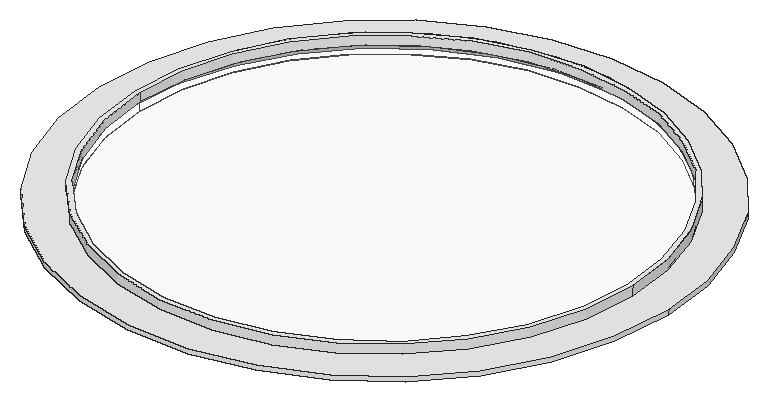
Revit family
Parameters (values of type "L7 - Frosted Shade w/ Optiview Diffuser")
  Wattage Comments = "0"
  Wattage = 23.5624 W
  Warranty Duration (Years) = 10  # constant formula
  built-in parameter 1150110 = 1 (stored number, unit not read)
  built-in parameter 1114217 = 1 (stored number, unit not read)
  Tilt Angle = 60.00°
  Test Data = "http://cpd.nfrc.org/pubsearch/psLineDetails.asp?CPD=STU-K-2_10641"
  built-in parameter 1150109 = 1 (stored number, unit not read)
  built-in parameter 1150134 = 10
  built-in parameter 1150113 = 1 (stored number, unit not read)
  Specification = "http://www.arcat.com/sd/clients/solatube.html?coid=35591"
  SpecWizard = "http://www.arcat.com/specwizard/08625slt/index.htm?mf=&coid=35591"
  Send Message = "http://www.arcat.com/clickthru.pl?loc=www.solatube.com&coid=35591"
  Sales Information = "http://www.solatube.com/commercial/brightenup.php"
  Product Properties = "http://www.arcat.com/bim/bim_info.pl?fn=Skylight_Solatube"
  Product Data = "http://www.arcat.com/clickthru.pl?coid=35591&prodid=2973&loc=www.solatube.com/residential/brightenup.php"
  Photometric Web File = "generic"
  Openrad = 0' - 7"
  built-in parameter 1150142 = (empty or 0)
  Model = "290DS Optiview Diffuser - Frosted Shade / White Trim"
  Manufacturer's Notes = "Contact Solatube for IES File availablity"
  Manufacturer Website = "http://www.solatube.com"
  Manufacturer Phone - Toll Free = "888-765-2882"
  Manufacturer Phone = "760-597-4400"
  Manufacturer Fax = "760-597-4488"
  Manufacturer Address = "2210 Oak Ridge Way Vista CA  92081"
  Manufacturer = "Solatube International Inc."
  Maintenance Schedule (Months) [instance] = 0
  built-in parameter 1150105 = 278.52 (stored number, unit not read)
  Lumens = 3500 lm
  built-in parameter 1150115 = 1 (stored number, unit not read)
  built-in parameter 1150137 = (empty or 0)
  built-in parameter 1150139 = (empty or 0)
  Lens Material = Diffuser Lens - Acrylic Plastic - Prismatic
  built-in parameter 1150112 = 1 (stored number, unit not read)
  built-in parameter 1150114 = 1 (stored number, unit not read)
  Keynote = "08 62 00"
  Installation-Fabrication = "http://www.solatube.com/downloads/2007/install/160DS_290DS.pdf"
  Installation Phase = ""
  built-in parameter 1150132 = 2
  built-in parameter 1150102 = (empty or 0)
  built-in parameter 1150107 = 6430 (stored number, unit not read)
  built-in parameter 1150138 = (empty or 0)
  built-in parameter 1150106 = 2.7852 (stored number, unit not read)
  Green Building-LEED = "http://www.arcat.com/green/leed_info.php?coid=35591&prodid=2973&mf="
  Expected Lifespan (Years) [instance] = 0
  built-in parameter 1150104 = 13.8 (stored number, unit not read)
  Drawn By = "Robert S. Weygant, CSI, CDT, SCIP"  # constant formula
  Dimming Lamp Color Temperature Shift = (empty or 0)
  Diffuser Trim Material = Diffuser Trim_Injection Molded Acrylic - White
  Description = "Solatube 290DS Optiview Diffuser - Frosted Shade / White Trim"
  Copyright = "2010, ARCAT, Inc."  # constant formula
  Construction Details = "http://www.arcat.com/details/solatube/prod0437.html"
  Color Filter = 16777215
  Building Codes = "http://www.solatube.com/commercial/technical_resources.php"
  built-in parameter 1114218 = 1 (stored number, unit not read)
  built-in parameter 1150133 = 10 (stored number, unit not read)
  Assembly Code = "B3020110"
Types (6): name | Model | Lens Material | Diffuser Trim Material | Description
  L1 - White Trim w/ Optiview Diffuser | "290DS Optiview Diffuser - White Trim" | Diffuser Lens - Acrylic Plastic - Prismatic | Diffuser Trim_Injection Molded Acrylic - White | "Solatube 290DS Optiview Diffuser - White Trim"
  L5 - Stainless Tone Trim w/ Optiview Diffuser | "290DS Optiview Diffuser - Stainless Tone Trim" | Diffuser Lens - Acrylic Plastic - Prismatic | Diffuser Trim_Injection Molded Acrylic - Stainless Steel Finish | "Solatube 290DS Optiview Diffuser - Stainless Tone Trim"
  L7 - Frosted Shade w/ Optiview Diffuser | "290DS Optiview Diffuser - Frosted Shade / White Trim" | Diffuser Lens - Acrylic Plastic - Prismatic | Diffuser Trim_Injection Molded Acrylic - White | "Solatube 290DS Optiview Diffuser - Frosted Shade / White Trim"
  L8 - Frosted Shade w/ Vusion Diffuser | "290DS Vusion Diffuser - Frosted Shade / White Trim" | Diffuser Lens - Acrylic Plastic - Frosted | Diffuser Trim_Injection Molded Acrylic - White | "Solatube  290DS Vusion Diffuser - Frosted Shade / White Trim"
  L4 - White Trim w/ Vusion Diffuser | "290DS Vusion Diffuser - White Trim" | Diffuser Lens - Acrylic Plastic - Frosted | Diffuser Trim_Injection Molded Acrylic - White | "Solatube 290DS Vusion Diffuser - White Trim"
  L6 - Stainless Tone Trim w/ Vusion Diffuser | "290DS Vusion Diffuser - Stainless Tone Trim" | Diffuser Lens - Acrylic Plastic - Prismatic | Diffuser Trim_Injection Molded Acrylic - Stainless Steel Finish | "Solatube 290DS Vusion Diffuser - Stainless Tone Trim"
Reference planes (in)
  plane 1 "Center (Front/Back)": y = 0.90511
  plane 2 "Ceiling": z = 0
  plane 3 "Center (Left/Right)": x = -0.62891
  plane 4: x = 11.37109
  plane 5: y = 12.90511
  plane 6: y = -11.09489
  plane 7: x = -12.62891
  plane 8 "Top": z = 10
Forms (in)
  Sweep 1, solid, material "Diffuser Trim_Injection Molded Acrylic - White" <- "Diffuser Trim Material"
    path in 3D
      loop
        arc (6.37109, 0.90511, 0) -> (-0.62891, -6.09489, 0) -> (-7.62891, 0.90511, 0) r 7
        arc (-7.62891, 0.90511, 0) -> (-0.62891, 7.90511, 0) -> (6.37109, 0.90511, 0) r 7
    profile origin (-0.62891, 7.90511, 0) x (0, 1, 0) y (0, 0, 1)
      loop
        line (0, 0) -> (0, 0.25) -> (-0.12527, 0.25) -> (-0.12527, 0) -> (0.14789, -0.23065) -> (0.77342, -0.23065) -> (1, -0.125) -> (1, 0) -> (0, 0)
  Extrusion 2, solid, material "Diffuser Lens - Acrylic Plastic - Prismatic" <- "Lens Material"
    sketch origin (0, 0, 0) x (1, 0, 0) y (0, 1, 0)
      loop
        circle (-0.62891, 0.90511) r 7
    from 0 to 0.25
  Extrusion 3, solid, material "Diffuser Lens - Acrylic Plastic - Prismatic" <- "Lens Material"
    sketch origin (0, 0, 0) x (1, 0, 0) y (0, 1, 0)
      loop
        circle (-0.62891, 0.90511) r 6.87473
    from -0.23065 to 0
Lines and regions (in)
  Opening 1
    outline origin (0, 0, 0) x (1, 0, 0) y (0, 1, 0)
      loop
        circle (-0.62891, 0.90511) r 7
  sketch lines
    curve 1: line (-60.62891, 60.90511, 0) -> (59.37109, 60.90511, 0)
    curve 2: line (-60.62891, 60.90511, 0) -> (-60.62891, -59.09489, 0)
    curve 3: line (-60.62891, -59.09489, 0) -> (59.37109, -59.09489, 0)
    curve 4: line (59.37109, 60.90511, 0) -> (59.37109, -59.09489, 0)
    curve 5: arc (-7.62891, 0.90511, 0) -> (-0.62891, 7.90511, 0) -> (6.37109, 0.90511, 0) r 7
    curve 6: arc (6.37109, 0.90511, 0) -> (-0.62891, -6.09489, 0) -> (-7.62891, 0.90511, 0) r 7
Dimensions and locks (in)
  equal spacing: curve 2, plane 3 "Center (Left/Right)", curve 4
  equal spacing: curve 3, plane 1 "Center (Front/Back)", curve 1
  curve 2 to curve 4 = 10' - 0"
  curve 3 to curve 1 = 10' - 0"
  "Openrad": Sweep 1 sketch curve to plane 1 "Center (Front/Back)"
  locked: Sweep 1 sketch curve to Sweep 1 sketch curve at 1.12527
  locked: Sweep 1 sketch curve to Sweep 1 sketch curve at 0.62553
  locked: Sweep 1 sketch curve to Sweep 1 sketch curve at 0.85211
  locked: plane 7 to plane 4 at 24
  locked: plane 5 to plane 6 at 24
  equal spacing: plane 7, plane 3 "Center (Left/Right)", plane 4
  equal spacing: plane 5, plane 1 "Center (Front/Back)", plane 6
  locked: plane 8 "Top" to plane 2 "Ceiling" at 10
  locked: plane 2 "Ceiling" to imposter light at 2
  "Openrad": radius of Opening 1 sketch curve
  "Openrad": radius of Extrusion 2 sketch curve
  aligned and locked: Sweep 1 sketch curve to profile plane
  aligned and locked: plane 1 "Center (Front/Back)" to imposter light
  aligned and locked: plane 3 "Center (Left/Right)" to imposter light
  aligned and locked: Extrusion 3 sketch curve to Sweep 1  (x2)
  aligned and locked: plane 2 "Ceiling" to Extrusion 3
  aligned and locked: Sweep 1 to Extrusion 3
Automatic sketch dimensions
  Opening 1 sketch curve to plane 1 "Center (Front/Back)" = 0' - 0"
  Opening 1 sketch curve to plane 3 "Center (Left/Right)" = 0' - 0"
  Sweep 1 sketch curve to profile plane = 0' - 0"
  Sweep 1 sketch curve to Sweep 1 sketch curve = 0' - 0.12527"
  Sweep 1 sketch curve to profile plane = 0' - 0.23065"
  Sweep 1 sketch curve to profile plane = 0' - 0 1/8"
  profile plane to Sweep 1 sketch curve = 0' - 0 1/4"
  Extrusion 2 sketch curve to plane 1 "Center (Front/Back)" = 0' - 0"
  Extrusion 2 sketch curve to plane 3 "Center (Left/Right)" = 0' - 0"
